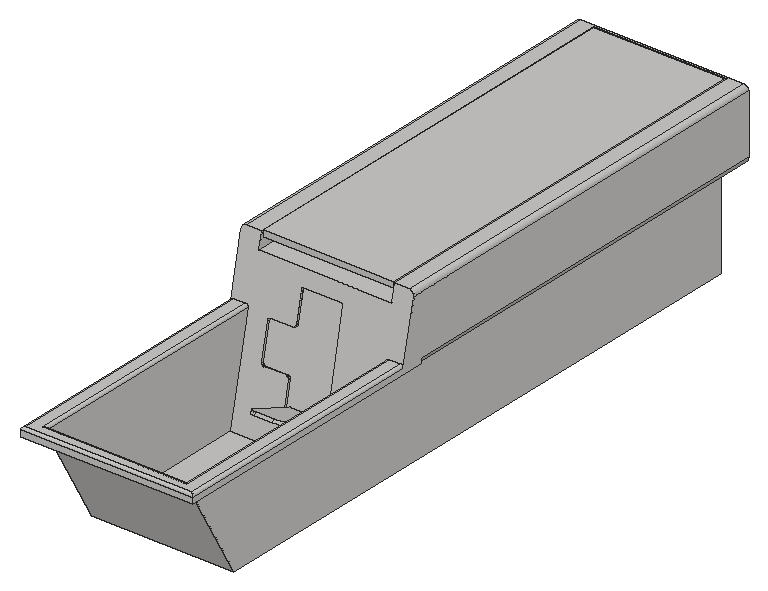
Revit family "PRD_AR_SpDspnsrs_EXOSFoamSoapDispenser_EXOS616EX_616EB_616EW", category Specialty Equipment, host Face, Revit 2018
Family settings
  Host = Face
  Round Connector Dimension = Use Diameter
  Part Type = Normal
  OmniClass Number = 23.40.20.21.34
  OmniClass Title = Soap Holders, Dispensers
  Cut with Voids When Loaded = No
  Shared = No
  Room Calculation Point = No
Parameters (values of type "EXOS616EX")
  WarrantyStartDate [instance] = "1900-12-31T23:59:59"
  WarrantyGuarantorParts = "n/a"
  WarrantyGuarantorLabor = "n/a"
  WarrantyDurationUnit = "year"
  WarrantyDurationParts = "n/a"
  WarrantyDurationLabor = "n/a"
  WarrantyDescription = "n/a"
  Version = "1"
  Uniclass2015Version = "Products v1.17"
  Uniclass2015Title = "Soap dispenser"
  Uniclass2015Code = "Pr_40_70_22_81"
  URL = "www.kwc.com"
  TypeOfSoapContainer = "Single-use bag"
  TypeOfOperation = "Manual operation"
  TypeOfMounting = "Recessed mounting"
  TypeOfFixing = "Screw"
  TypeOfConsumable = "Foam soap"
  TagNumber [instance] = "n/a"
  SustainabilityPerformance = "n/a"
  SurfaceTreatment = "InoxPlus (anti fingerprint)"
  Style = "Dispenser"
  Size = "124 x 500 x 120 mm"
  Shape = "n/a"
  SerialNumber [instance] = "n/a"
  Revision = "n/a"
  ReplacementCost = "n/a"
  ProductInformation = "https://pim.kwc.com/product/2030034634/attachment/datasheet?locale=en"
  PanelMaterial = PRD_AR_StainlessSteel_SatinFinished
  NominalWidth = 124.00 mm
  NominalHeight = 500.00 mm
  NominalDepth = 120.00 mm
  NetWeight = 3.33 kg
  Name = "Foam soap dispenser EXOS616EX"
  NBSTypeID = "n/a"
  NBSReference = "45-35-72/358"
  NBSOfficeMasterTag = "n/a"
  NBSNote = "n/a"
  NBSDescription = "Soap dispensers"
  NBSCertification = "n/a"
  ModelReference = "EXOS616EX"
  ModelNumber = "2030034634"
  Model = ModelReference  # "EXOS616EX"
  MaterialThickness = "1.20 mm"
  MaterialCode = "1.4301"
  Material = "Stainless steel"
  ManufacturerURL = "www.kwc.com"
  ManufacturerName = "KWC Group AG"  # constant formula
  Manufacturer = ManufacturerName  # "KWC Group AG"
  MainColor = "Stainless steel"
  Lock = "Key-lock"
  IsBuiltIn = "TRUE"
  IntegralAccessories = "incl. mounting materials and 650 ml Franke foam soap"
  InstallationDate [instance] = "1900-12-31T23:59:59"
  IfcExportType = "USERDEFINED"
  IfcExportAs = "IfcFurnitureType"
  GrossWeight = 4.33 kg
  Grade = "n/a"
  Finish = "Satin finished"
  FillingQuantityUom = "ml"
  FillingQuantity = "650"
  Features = "stainless steel, satin finished"
  ExpectedLife = "n/a"
  DurationUnit = "year"
  DispenserMaterial = PRD_AR_StainlessSteel_SatinFinished
  Description = "Foam soap dispenser for recessed mounting, stainless steel with satin finish, front and casing with InoxPlus surface refinement for the reduction of finger marks and better cleaning characteristics (easy to clean), material thickness 1.2 mm, with stainless steel pull lever, suitable for KWC foam soap, includes mounting materials and 650 ml KWC foam soap."
  Default Elevation = 1200.00 mm
  CreatedOn = "05/2020"  # constant formula
  Constituents = "n/a"
  Color = "n/a"
  CodePerformance = "n/a"
  Category = "Pr_40_70_22_81, Soap dispensers"
  BarCode [instance] = "n/a"
  BIMObjectName = "PRD_AR_SoapDispensers_EXOSFoamSoapDispenser_EXOS616EX"
  Author = "Archispace"  # constant formula
  AssetType = "Fixed"
  AssetIdentifier [instance] = "n/a"
  AccessibilityPerformance = "n/a"
Types (3, lengths in mm): name | ProductInformation | PanelMaterial | NetWeight | Name | ModelReference | ModelNumber | Model | GrossWeight | Description | BIMObjectName
  EXOS616EX | "https://pim.kwc.com/product/2030034634/attachment/datasheet?locale=en" | PRD_AR_StainlessSteel_SatinFinished | 3.33 kg | "Foam soap dispenser EXOS616EX" | "EXOS616EX" | "2030034634" | "EXOS616EX" | 4.33 kg | "Foam soap dispenser for recessed mounting, stainless steel with satin finish, front and casing with InoxPlus surface refinement for the reduction of finger marks and better cleaning characteristics (easy to clean), material thickness 1.2 mm, with stainless steel pull lever, suitable for KWC foam soap, includes mounting materials and 650 ml KWC foam soap." | "PRD_AR_SoapDispensers_EXOSFoamSoapDispenser_EXOS616EX"
  EXOS616EB | "https://pim.kwc.com/product/2030034636/attachment/datasheet?locale=en" | PRD_AR_Glass_Black | 3.59 kg | "Foam soap dispenser EXOS616EB" | "EXOS616EB" | "2030034636" | "EXOS616EB" | 4.59 kg | "Foam soap dispenser for recessed mounting, stainless steel with satin finish, black safety glass front panel, casing with InoxPlus surface refinement for the reduction of finger marks and better cleaning characteristics (easy to clean), material thickness 1.2 mm, with stainless steel pull lever, suitable for KWC foam soap, includes mounting materials and 650 ml KWC foam soap." | "PRD_AR_SoapDispensers_EXOSFoamSoapDispenser_EXOS616EB"
  EXOS616EW | "https://pim.kwc.com/product/2030034666/attachment/datasheet?locale=en" | PRD_AR_Glass_White | 3.59 kg | "Foam soap dispenser EXOS616EW" | "EXOS616EW" | "2030034666" | "EXOS616EW" | 4.59 kg | "Foam soap dispenser for recessed mounting, stainless steel with satin finish, white safety glass front panel, casing with InoxPlus surface refinement for the reduction of finger marks and better cleaning characteristics (easy to clean), material thickness 1.2 mm, with stainless steel pull lever, suitable for KWC foam soap, includes mounting materials and 650 ml KWC foam soap." | "PRD_AR_SoapDispensers_EXOSFoamSoapDispenser_EXOS616EW"
Reference planes
  plane 1 "Center (Front/Back)": y = 0
  plane 2: z = 0
  plane 3 "Center (Left/Right)": x = 0
Forms (mm)
  Extrusion 1, void
    sketch origin (0, 0, 0) x (0, 1, 0) y (0, 0, 1)
      loop
        line (239, 0) -> (-239, 0) -> (-199, -70) -> (239, -70) -> (239, 0)
    from -51 to 51
Dimensions and locks
  aligned and locked: plane 2 to host face
  aligned and locked: level to host face
Nested families
  nested 1: "EXOS616E" at (0, 0, -70), type "EXOS616E"
Definition of nested family "EXOS616E"
  Parameters (values of type "EXOS616E")
    Material = none
    FrontMaterial = none
  Reference planes
    plane 1 "Center (Front/Back)": y = 0
    plane 2: z = 0
    plane 3 "Center (Left/Right)": x = 0
    plane 4: x = -62
    plane 5: x = 62
    plane 6: x = -48
    plane 7: x = -47
    plane 8: x = 48
    plane 9: x = 47
    plane 10: through (0, -76.15, 1.2) normal (0, 0.9775, -0.211)
  Forms (mm)
    Extrusion 1, solid, material <- "Material", detail levels fine
      sketch origin (0, 0, -10.333) x (1, 0, 0) y (0, 0, 1)
        loop
          line (-62, 80.333) -> (62, 80.333) -> (62, 126.833)
          arc (62, 126.833) -> (60.975, 129.308) -> (58.5, 130.333) r 3.5
          line (58.5, 130.333) -> (-58.5, 130.333)
          arc (-58.5, 130.333) -> (-60.975, 129.308) -> (-62, 126.833) r 3.5
          line (-62, 126.833) -> (-62, 80.333)
      from -250 to 88.079
    Extrusion 2, void
      sketch origin (0, 0, 0) x (0, 1, 0) y (0, 0, 1)
        loop
          line (-50.5, 120) -> (-88.079, 120) -> (-88.079, 70) -> (-61.295, 70) -> (-50.5, 120)
      from -152 to 152
    Extrusion 3, void
      sketch origin (0, 0, 0) x (1, 0, 0) y (0, 0, 1)
        loop
          line (48, 120) -> (-48, 120) -> (-48, 108.5) -> (48, 108.5) -> (48, 120)
      from -248.5 to 187.554
    Revolve 4, solid, material <- "Material", detail levels fine
      sketch origin (0, 37.5, 95) x (1, 0, 0) y (0, 1, 0)
        loop
          line (0, 212.5) -> (10, 212.5) -> (10, 215.266)
          arc (10, 215.266) -> (9.414, 216.68) -> (8, 217.266) r 2
          line (8, 217.266) -> (6.324, 217.266)
          arc (6.324, 217.266) -> (5.966, 217.585) -> (5.5, 217.7) r 1
          line (5.5, 217.7) -> (0, 217.7) -> (0, 212.5)
        axis (0, 217.7) -> (0, 212.5)
      angle from 0 to 360
    Revolve 5, solid, material <- "Material", detail levels medium
      sketch origin (0, 37.5, 95) x (1, 0, 0) y (0, 1, 0)
        loop
          line (0, 212.5) -> (10, 212.5) -> (10, 217.7) -> (0, 217.7) -> (0, 212.5)
        axis (0, 217.7) -> (0, 212.5)
      angle from 0 to 360
    Extrusion 6, solid, material <- "Material", detail levels fine
      sketch origin (0, 0, 0) x (1, 0, 0) y (0, 1, 0)
        loop
          line (62, -60) -> (50, -60) -> (50, -243.688) -> (-50, -243.688) -> (-50, -60) -> (-62, -60) -> (-62, -250) -> (62, -250) -> (62, -60)
      from 70 to 76
    Extrusion 7, solid, material <- "Material", detail levels fine
      sketch origin (0, 0, 0) x (0, 1, 0) y (0, 0, 1)
        loop
          line (239, 0) -> (239, 70) -> (-239, 70) -> (-199, 0) -> (239, 0)
      from -51 to 51
    Extrusion 8, void
      sketch origin (0, 0, 0) x (1, 0, 0) y (0, 0, 1)
        loop
          line (62, 70) -> (62, 73.5)
          arc (62, 73.5) -> (60.975, 71.025) -> (58.5, 70) r 3.5
          line (58.5, 70) -> (62, 70)
        loop
          line (-62, 70) -> (-58.5, 70)
          arc (-58.5, 70) -> (-60.975, 71.025) -> (-62, 73.5) r 3.5
          line (-62, 73.5) -> (-62, 70)
      from -250 to 45
    Extrusion 9, solid, material <- "FrontMaterial", detail levels medium+fine
      sketch origin (0, 0, 0) x (1, 0, 0) y (0, 1, 0)
        loop
          line (-47, 247.5) -> (-47, -50) -> (47, -50) -> (47, 247.5) -> (-47, 247.5)
      from 116.3 to 120.3
    Extrusion 10, void
      sketch origin (0, 0, 0) x (0, 1, 0) y (0, 0, 1)
        loop
          line (-198.304, 1.2) -> (-76.15, 1.2) -> (-61.295, 70) -> (-237.618, 70) -> (-198.304, 1.2)
      from -50 to 50
    Sweep 11, void
      path in 3D
        loop
          line (-50, -243.688, 76) -> (-50, -60, 76)
      profile origin (-50, -151.844, 76) x (-1, 0, 0) y (0, 0, 1)
        loop
          line (0, 0) -> (0, -2)
          arc (0, -2) -> (0.586, -0.586) -> (2, 0) r 2
          line (2, 0) -> (0, 0)
    Sweep 12, void
      path in 3D
        loop
          line (50, -243.688, 76) -> (50, -60, 76)
      profile origin (50, -151.844, 76) x (-1, 0, 0) y (0, 0, 1)
        loop
          line (0, 0) -> (-2, 0)
          arc (-2, 0) -> (-0.586, -0.586) -> (0, -2) r 2
          line (0, -2) -> (0, 0)
    Sweep 13, void
      path in 3D
        loop
          line (-62, -60, 76) -> (-62, -250, 76) -> (62, -250, 76) -> (62, -60, 76)
      profile origin (-62, -155, 76) x (1, 0, 0) y (0, 0, 1)
        loop
          line (0, 0) -> (0, -2)
          arc (0, -2) -> (0.586, -0.586) -> (2, 0) r 2
          line (2, 0) -> (0, 0)
    Extrusion 14, solid, material <- "Material", detail levels fine
      sketch origin (0, 0, 0) x (0, 1, 0) y (0, 0, 1)
        loop
          line (-243.688, 70) -> (-237.618, 70) -> (-240.471, 74.992)
          arc (-240.471, 74.992) -> (-241.203, 75.73) -> (-242.207, 76) r 2
          line (-242.207, 76) -> (-243.688, 76) -> (-243.688, 70)
      from -56.244 to 56.087
    Extrusion 15, void
      sketch origin (0, -76.15, 1.2) x (0, -0.211046, -0.977476) y (-1, 0, 0)
        loop
          line (-18.5, -13) -> (-18.5, 13)
          arc (-18.5, 13) -> (-19.086, 14.414) -> (-20.5, 15) r 2
          line (-20.5, 15) -> (-42.5, 15)
          arc (-42.5, 15) -> (-43.914, 15.586) -> (-44.5, 17) r 2
          line (-44.5, 17) -> (-44.5, 33)
          arc (-44.5, 33) -> (-45.086, 34.414) -> (-46.5, 35) r 2
          line (-46.5, 35) -> (-71.7, 35)
          arc (-71.7, 35) -> (-73.114, 34.414) -> (-73.7, 33) r 2
          line (-73.7, 33) -> (-73.7, 17)
          arc (-73.7, 17) -> (-74.286, 15.586) -> (-75.7, 15) r 2
          line (-75.7, 15) -> (-96.7, 15)
          arc (-96.7, 15) -> (-98.114, 14.414) -> (-98.7, 13) r 2
          line (-98.7, 13) -> (-98.7, -13)
          arc (-98.7, -13) -> (-98.114, -14.414) -> (-96.7, -15) r 2
          line (-96.7, -15) -> (-20.5, -15)
          arc (-20.5, -15) -> (-19.086, -14.414) -> (-18.5, -13) r 2
      from 0 to 1.2
    Extrusion 16, solid, material <- "Material", detail levels fine
      sketch origin (0, 0, 0) x (0, 1, 0) y (0, 0, 1)
        loop
          line (-108.409, 40.7) -> (-69.775, 25.042) -> (-69.346, 27.027) -> (-107.658, 42.554) -> (-108.409, 40.7)
      from -12.5 to 12.5
    Extrusion 17, void
      sketch origin (0, -107.658, 42.554) x (0, 0.926782, -0.375599) y (-1, 0, 0)
        loop
          line (0, 12.5) -> (0, 6.5)
          arc (0, 6.5) -> (1.757, 10.743) -> (6, 12.5) r 6
          line (6, 12.5) -> (0, 12.5)
        loop
          line (0, -12.5) -> (6, -12.5)
          arc (6, -12.5) -> (1.757, -10.743) -> (0, -6.5) r 6
          line (0, -6.5) -> (0, -12.5)
      from -2 to 0
    Extrusion 18, solid, material <- "Material", detail levels medium
      sketch origin (0, 0, 0) x (0, 1, 0) y (0, 0, 1)
        loop
          line (239, 0) -> (239, 70) -> (-239, 70) -> (-199, 0) -> (239, 0)
      from -51 to 51
    Extrusion 19, solid, material <- "Material", detail levels medium
      sketch origin (0, 0, 0) x (1, 0, 0) y (0, 1, 0)
        loop
          line (62, -60) -> (50, -60) -> (50, -243.688) -> (-50, -243.688) -> (-50, -60) -> (-62, -60) -> (-62, -250) -> (62, -250) -> (62, -60)
      from 70 to 76
    Extrusion 20, solid, material <- "Material", detail levels medium
      sketch origin (0, 0, 0) x (0, 1, 0) y (0, 0, 1)
        loop
          line (-243.688, 70) -> (-237.618, 70) -> (-241.046, 76) -> (-243.688, 76) -> (-243.688, 70)
      from -56.244 to 56.087
    Extrusion 21, solid, material <- "Material", detail levels medium
      sketch origin (0, 0, -10.333) x (1, 0, 0) y (0, 0, 1)
        loop
          line (-62, 80.333) -> (62, 80.333) -> (62, 130.333) -> (-62, 130.333) -> (-62, 80.333)
      from -250 to 88.079
    Extrusion 22, void
      sketch origin (0, 0, 0) x (0, 1, 0) y (0, 0, 1)
        loop
          line (-50.5, 120) -> (-88.079, 120) -> (-88.079, 70) -> (-61.295, 70) -> (-50.5, 120)
      from -62 to 62
    Extrusion 23, solid, material <- "Material", detail levels medium
      sketch origin (0, 0, 0) x (0, 1, 0) y (0, 0, 1)
        loop
          line (-108.409, 40.7) -> (-70.903, 25.5) -> (-70.475, 27.484) -> (-107.658, 42.554) -> (-108.409, 40.7)
      from -12.5 to 12.5
    Extrusion 24, solid, material <- "Material", detail levels coarse
      sketch origin (0, 0, 0) x (0, 1, 0) y (0, 0, 1)
        loop
          line (239, 0) -> (239, 70) -> (-239, 70) -> (-199, 0) -> (239, 0)
      from -51 to 51
    Extrusion 25, solid, material <- "Material", detail levels coarse
      sketch origin (0, 0, 0) x (1, 0, 0) y (0, 1, 0)
        loop
          line (62, -60) -> (-62, -60) -> (-62, -250) -> (62, -250) -> (62, -60)
      from 70 to 76
    Extrusion 26, solid, material <- "Material", detail levels coarse
      sketch origin (0, 0, -10.333) x (1, 0, 0) y (0, 0, 1)
        loop
          line (-62, 80.333) -> (62, 80.333) -> (62, 130.333) -> (-62, 130.333) -> (-62, 80.333)
      from -250 to 88.079
  Cuts and joins
    Extrusion 2, Extrusion 3, Extrusion 8, Extrusion 15 cuts Extrusion 1
    Sweep 11, Sweep 12, Sweep 13 cuts Extrusion 6
    Extrusion 2, Extrusion 10, Extrusion 15 cuts Extrusion 7
    joined: Extrusion 1, Extrusion 6, Extrusion 7, Extrusion 14
    Extrusion 17 cuts Extrusion 16
    joined: Extrusion 19, Extrusion 20
    Extrusion 10 cuts Extrusion 18
    Extrusion 3, Extrusion 22 cuts Extrusion 21
    joined: Extrusion 18, Extrusion 21
    Extrusion 22 cuts Extrusion 26
    joined: Extrusion 25, Extrusion 26
  Lines and regions (mm)
    sketch lines
      curve 1: line (-50, -243.688, 76) -> (-50, -60, 76)
      curve 2: line (50, -243.688, 76) -> (50, -60, 76)
      curve 3: line (-62, -60, 76) -> (-62, -250, 76)
      curve 4: line (-62, -250, 76) -> (62, -250, 76)
      curve 5: line (62, -250, 76) -> (62, -60, 76)
  Dimensions and locks
    aligned and locked: level to plane 2
